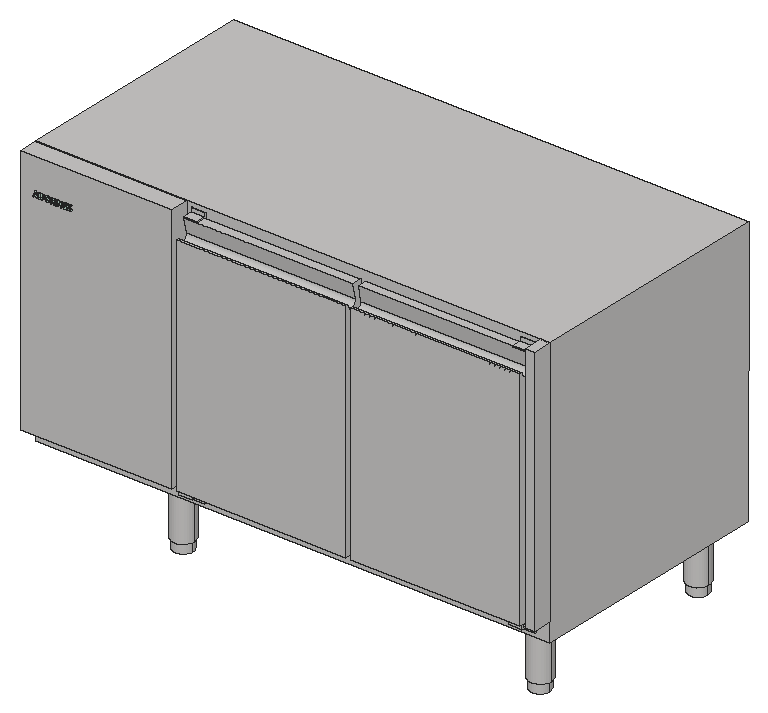
Revit family "QF_ALPENINOX_712195_AK2F7AA", category Specialty Equipment, Revit 2018 (continued)
Definition of nested family "APX_BI_BT_L"
  Lines and regions (mm)
    Split face 121
      outline origin (215, -951.3, 50) x (1, 0, 0) y (0, 1, 0)
        loop
          arc (-273.464, 607.474) -> (-277.464, 603.474) -> (-273.464, 599.474) r 4
          line (-273.464, 599.474) -> (-231.464, 599.474)
          arc (-231.464, 599.474) -> (-227.464, 603.474) -> (-231.464, 607.474) r 4
          line (-231.464, 607.474) -> (-273.464, 607.474)
    Split face 122
      outline origin (-5, -975.3, 50) x (1, 0, 0) y (0, 1, 0)
        loop
          arc (-163.464, 619.474) -> (-167.464, 615.474) -> (-163.464, 611.474) r 4
          line (-163.464, 611.474) -> (-121.464, 611.474)
          arc (-121.464, 611.474) -> (-117.464, 615.474) -> (-121.464, 619.474) r 4
          line (-121.464, 619.474) -> (-163.464, 619.474)
    Split face 123
      outline origin (325, -975.3, 50) x (1, 0, 0) y (0, 1, 0)
        loop
          arc (-328.464, 619.474) -> (-332.464, 615.474) -> (-328.464, 611.474) r 4
          line (-328.464, 611.474) -> (-286.464, 611.474)
          arc (-286.464, 611.474) -> (-282.464, 615.474) -> (-286.464, 619.474) r 4
          line (-286.464, 619.474) -> (-328.464, 619.474)
    Split face 124
      outline origin (105, -975.3, 50) x (1, 0, 0) y (0, 1, 0)
        loop
          arc (-218.464, 619.474) -> (-222.464, 615.474) -> (-218.464, 611.474) r 4
          line (-218.464, 611.474) -> (-176.464, 611.474)
          arc (-176.464, 611.474) -> (-172.464, 615.474) -> (-176.464, 619.474) r 4
          line (-176.464, 619.474) -> (-218.464, 619.474)
    Split face 125
      outline origin (215, -975.3, 50) x (1, 0, 0) y (0, 1, 0)
        loop
          arc (-273.464, 619.474) -> (-277.464, 615.474) -> (-273.464, 611.474) r 4
          line (-273.464, 611.474) -> (-231.464, 611.474)
          arc (-231.464, 611.474) -> (-227.464, 615.474) -> (-231.464, 619.474) r 4
          line (-231.464, 619.474) -> (-273.464, 619.474)
    Split face 126
      outline origin (-5, -999.3, 50) x (1, 0, 0) y (0, 1, 0)
        loop
          arc (-163.464, 631.474) -> (-167.464, 627.474) -> (-163.464, 623.474) r 4
          line (-163.464, 623.474) -> (-121.464, 623.474)
          arc (-121.464, 623.474) -> (-117.464, 627.474) -> (-121.464, 631.474) r 4
          line (-121.464, 631.474) -> (-163.464, 631.474)
    Split face 127
      outline origin (325, -999.3, 50) x (1, 0, 0) y (0, 1, 0)
        loop
          arc (-328.464, 631.474) -> (-332.464, 627.474) -> (-328.464, 623.474) r 4
          line (-328.464, 623.474) -> (-286.464, 623.474)
          arc (-286.464, 623.474) -> (-282.464, 627.474) -> (-286.464, 631.474) r 4
          line (-286.464, 631.474) -> (-328.464, 631.474)
    Split face 128
      outline origin (105, -999.3, 50) x (1, 0, 0) y (0, 1, 0)
        loop
          arc (-218.464, 631.474) -> (-222.464, 627.474) -> (-218.464, 623.474) r 4
          line (-218.464, 623.474) -> (-176.464, 623.474)
          arc (-176.464, 623.474) -> (-172.464, 627.474) -> (-176.464, 631.474) r 4
          line (-176.464, 631.474) -> (-218.464, 631.474)
    Split face 129
      outline origin (215, -999.3, 50) x (1, 0, 0) y (0, 1, 0)
        loop
          arc (-273.464, 631.474) -> (-277.464, 627.474) -> (-273.464, 623.474) r 4
          line (-273.464, 623.474) -> (-231.464, 623.474)
          arc (-231.464, 623.474) -> (-227.464, 627.474) -> (-231.464, 631.474) r 4
          line (-231.464, 631.474) -> (-273.464, 631.474)
    Split face 130
      outline origin (-5, -1023.3, 50) x (1, 0, 0) y (0, 1, 0)
        loop
          arc (-163.464, 643.474) -> (-167.464, 639.474) -> (-163.464, 635.474) r 4
          line (-163.464, 635.474) -> (-121.464, 635.474)
          arc (-121.464, 635.474) -> (-117.464, 639.474) -> (-121.464, 643.474) r 4
          line (-121.464, 643.474) -> (-163.464, 643.474)
    Split face 131
      outline origin (325, -1023.3, 50) x (1, 0, 0) y (0, 1, 0)
        loop
          arc (-328.464, 643.474) -> (-332.464, 639.474) -> (-328.464, 635.474) r 4
          line (-328.464, 635.474) -> (-286.464, 635.474)
          arc (-286.464, 635.474) -> (-282.464, 639.474) -> (-286.464, 643.474) r 4
          line (-286.464, 643.474) -> (-328.464, 643.474)
    Split face 132
      outline origin (105, -1023.3, 50) x (1, 0, 0) y (0, 1, 0)
        loop
          arc (-218.464, 643.474) -> (-222.464, 639.474) -> (-218.464, 635.474) r 4
          line (-218.464, 635.474) -> (-176.464, 635.474)
          arc (-176.464, 635.474) -> (-172.464, 639.474) -> (-176.464, 643.474) r 4
          line (-176.464, 643.474) -> (-218.464, 643.474)
    Split face 133
      outline origin (215, -1023.3, 50) x (1, 0, 0) y (0, 1, 0)
        loop
          arc (-273.464, 643.474) -> (-277.464, 639.474) -> (-273.464, 635.474) r 4
          line (-273.464, 635.474) -> (-231.464, 635.474)
          arc (-231.464, 635.474) -> (-227.464, 639.474) -> (-231.464, 643.474) r 4
          line (-231.464, 643.474) -> (-273.464, 643.474)
    Split face 134
      outline origin (0, 0, 50) x (1, 0, 0) y (0, 1, 0)
        loop
          arc (51.536, 131.824) -> (47.536, 127.824) -> (51.536, 123.824) r 4
          line (51.536, 123.824) -> (93.536, 123.824)
          arc (93.536, 123.824) -> (97.536, 127.824) -> (93.536, 131.824) r 4
          line (93.536, 131.824) -> (51.536, 131.824)
    Split face 135
      outline origin (0, 0, 50) x (1, 0, 0) y (0, 1, 0)
        loop
          arc (106.536, 131.824) -> (102.536, 127.824) -> (106.536, 123.824) r 4
          line (106.536, 123.824) -> (148.536, 123.824)
          arc (148.536, 123.824) -> (152.536, 127.824) -> (148.536, 131.824) r 4
          line (148.536, 131.824) -> (106.536, 131.824)
    Split face 136
      outline origin (0, -24, 50) x (1, 0, 0) y (0, 1, 0)
        loop
          arc (51.536, 143.824) -> (47.536, 139.824) -> (51.536, 135.824) r 4
          line (51.536, 135.824) -> (93.536, 135.824)
          arc (93.536, 135.824) -> (97.536, 139.824) -> (93.536, 143.824) r 4
          line (93.536, 143.824) -> (51.536, 143.824)
    Split face 137
      outline origin (0, -24, 50) x (1, 0, 0) y (0, 1, 0)
        loop
          arc (106.536, 143.824) -> (102.536, 139.824) -> (106.536, 135.824) r 4
          line (106.536, 135.824) -> (148.536, 135.824)
          arc (148.536, 135.824) -> (152.536, 139.824) -> (148.536, 143.824) r 4
          line (148.536, 143.824) -> (106.536, 143.824)
    Split face 138
      outline origin (0, -48, 50) x (1, 0, 0) y (0, 1, 0)
        loop
          arc (51.536, 155.824) -> (47.536, 151.824) -> (51.536, 147.824) r 4
          line (51.536, 147.824) -> (93.536, 147.824)
          arc (93.536, 147.824) -> (97.536, 151.824) -> (93.536, 155.824) r 4
          line (93.536, 155.824) -> (51.536, 155.824)
    Split face 139
      outline origin (0, -48, 50) x (1, 0, 0) y (0, 1, 0)
        loop
          arc (106.536, 155.824) -> (102.536, 151.824) -> (106.536, 147.824) r 4
          line (106.536, 147.824) -> (148.536, 147.824)
          arc (148.536, 147.824) -> (152.536, 151.824) -> (148.536, 155.824) r 4
          line (148.536, 155.824) -> (106.536, 155.824)
    Split face 140
      outline origin (0, -72, 50) x (1, 0, 0) y (0, 1, 0)
        loop
          arc (51.536, 167.824) -> (47.536, 163.824) -> (51.536, 159.824) r 4
          line (51.536, 159.824) -> (93.536, 159.824)
          arc (93.536, 159.824) -> (97.536, 163.824) -> (93.536, 167.824) r 4
          line (93.536, 167.824) -> (51.536, 167.824)
    Split face 141
      outline origin (0, -72, 50) x (1, 0, 0) y (0, 1, 0)
        loop
          arc (106.536, 167.824) -> (102.536, 163.824) -> (106.536, 159.824) r 4
          line (106.536, 159.824) -> (148.536, 159.824)
          arc (148.536, 159.824) -> (152.536, 163.824) -> (148.536, 167.824) r 4
          line (148.536, 167.824) -> (106.536, 167.824)
    Split face 142
      outline origin (0, -96, 50) x (1, 0, 0) y (0, 1, 0)
        loop
          arc (51.536, 179.824) -> (47.536, 175.824) -> (51.536, 171.824) r 4
          line (51.536, 171.824) -> (93.536, 171.824)
          arc (93.536, 171.824) -> (97.536, 175.824) -> (93.536, 179.824) r 4
          line (93.536, 179.824) -> (51.536, 179.824)
    Split face 143
      outline origin (0, -96, 50) x (1, 0, 0) y (0, 1, 0)
        loop
          arc (106.536, 179.824) -> (102.536, 175.824) -> (106.536, 171.824) r 4
          line (106.536, 171.824) -> (148.536, 171.824)
          arc (148.536, 171.824) -> (152.536, 175.824) -> (148.536, 179.824) r 4
          line (148.536, 179.824) -> (106.536, 179.824)
    Split face 144
      outline origin (0, -120, 50) x (1, 0, 0) y (0, 1, 0)
        loop
          arc (51.536, 191.824) -> (47.536, 187.824) -> (51.536, 183.824) r 4
          line (51.536, 183.824) -> (93.536, 183.824)
          arc (93.536, 183.824) -> (97.536, 187.824) -> (93.536, 191.824) r 4
          line (93.536, 191.824) -> (51.536, 191.824)
    Split face 145
      outline origin (0, -120, 50) x (1, 0, 0) y (0, 1, 0)
        loop
          arc (106.536, 191.824) -> (102.536, 187.824) -> (106.536, 183.824) r 4
          line (106.536, 183.824) -> (148.536, 183.824)
          arc (148.536, 183.824) -> (152.536, 187.824) -> (148.536, 191.824) r 4
          line (148.536, 191.824) -> (106.536, 191.824)
    Split face 146
      outline origin (0, -144, 50) x (1, 0, 0) y (0, 1, 0)
        loop
          arc (51.536, 203.824) -> (47.536, 199.824) -> (51.536, 195.824) r 4
          line (51.536, 195.824) -> (93.536, 195.824)
          arc (93.536, 195.824) -> (97.536, 199.824) -> (93.536, 203.824) r 4
          line (93.536, 203.824) -> (51.536, 203.824)
    Split face 147
      outline origin (0, -144, 50) x (1, 0, 0) y (0, 1, 0)
        loop
          arc (106.536, 203.824) -> (102.536, 199.824) -> (106.536, 195.824) r 4
          line (106.536, 195.824) -> (148.536, 195.824)
          arc (148.536, 195.824) -> (152.536, 199.824) -> (148.536, 203.824) r 4
          line (148.536, 203.824) -> (106.536, 203.824)
    Split face 148
      outline origin (0, -168, 50) x (1, 0, 0) y (0, 1, 0)
        loop
          arc (51.536, 215.824) -> (47.536, 211.824) -> (51.536, 207.824) r 4
          line (51.536, 207.824) -> (93.536, 207.824)
          arc (93.536, 207.824) -> (97.536, 211.824) -> (93.536, 215.824) r 4
          line (93.536, 215.824) -> (51.536, 215.824)
    Split face 149
      outline origin (0, -168, 50) x (1, 0, 0) y (0, 1, 0)
        loop
          arc (106.536, 215.824) -> (102.536, 211.824) -> (106.536, 207.824) r 4
          line (106.536, 207.824) -> (148.536, 207.824)
          arc (148.536, 207.824) -> (152.536, 211.824) -> (148.536, 215.824) r 4
          line (148.536, 215.824) -> (106.536, 215.824)
    Split face 150
      outline origin (0, -192, 50) x (1, 0, 0) y (0, 1, 0)
        loop
          arc (51.536, 227.824) -> (47.536, 223.824) -> (51.536, 219.824) r 4
          line (51.536, 219.824) -> (93.536, 219.824)
          arc (93.536, 219.824) -> (97.536, 223.824) -> (93.536, 227.824) r 4
          line (93.536, 227.824) -> (51.536, 227.824)
    Split face 151
      outline origin (0, -192, 50) x (1, 0, 0) y (0, 1, 0)
        loop
          arc (106.536, 227.824) -> (102.536, 223.824) -> (106.536, 219.824) r 4
          line (106.536, 219.824) -> (148.536, 219.824)
          arc (148.536, 219.824) -> (152.536, 223.824) -> (148.536, 227.824) r 4
          line (148.536, 227.824) -> (106.536, 227.824)
    Split face 152
      outline origin (0, -216, 50) x (1, 0, 0) y (0, 1, 0)
        loop
          arc (51.536, 239.824) -> (47.536, 235.824) -> (51.536, 231.824) r 4
          line (51.536, 231.824) -> (93.536, 231.824)
          arc (93.536, 231.824) -> (97.536, 235.824) -> (93.536, 239.824) r 4
          line (93.536, 239.824) -> (51.536, 239.824)
    Split face 153
      outline origin (0, -216, 50) x (1, 0, 0) y (0, 1, 0)
        loop
          arc (106.536, 239.824) -> (102.536, 235.824) -> (106.536, 231.824) r 4
          line (106.536, 231.824) -> (148.536, 231.824)
          arc (148.536, 231.824) -> (152.536, 235.824) -> (148.536, 239.824) r 4
          line (148.536, 239.824) -> (106.536, 239.824)
    Split face 154
      outline origin (0, -240, 50) x (1, 0, 0) y (0, 1, 0)
        loop
          arc (51.536, 251.824) -> (47.536, 247.824) -> (51.536, 243.824) r 4
          line (51.536, 243.824) -> (93.536, 243.824)
          arc (93.536, 243.824) -> (97.536, 247.824) -> (93.536, 251.824) r 4
          line (93.536, 251.824) -> (51.536, 251.824)
    Split face 155
      outline origin (0, -240, 50) x (1, 0, 0) y (0, 1, 0)
        loop
          arc (106.536, 251.824) -> (102.536, 247.824) -> (106.536, 243.824) r 4
          line (106.536, 243.824) -> (148.536, 243.824)
          arc (148.536, 243.824) -> (152.536, 247.824) -> (148.536, 251.824) r 4
          line (148.536, 251.824) -> (106.536, 251.824)
    Split face 156
      outline origin (0, -264, 50) x (1, 0, 0) y (0, 1, 0)
        loop
          arc (51.536, 263.824) -> (47.536, 259.824) -> (51.536, 255.824) r 4
          line (51.536, 255.824) -> (93.536, 255.824)
          arc (93.536, 255.824) -> (97.536, 259.824) -> (93.536, 263.824) r 4
          line (93.536, 263.824) -> (51.536, 263.824)
    Split face 157
      outline origin (0, -264, 50) x (1, 0, 0) y (0, 1, 0)
        loop
          arc (106.536, 263.824) -> (102.536, 259.824) -> (106.536, 255.824) r 4
          line (106.536, 255.824) -> (148.536, 255.824)
          arc (148.536, 255.824) -> (152.536, 259.824) -> (148.536, 263.824) r 4
          line (148.536, 263.824) -> (106.536, 263.824)
    Split face 158
      outline origin (0, -288, 50) x (1, 0, 0) y (0, 1, 0)
        loop
          arc (51.536, 275.824) -> (47.536, 271.824) -> (51.536, 267.824) r 4
          line (51.536, 267.824) -> (93.536, 267.824)
          arc (93.536, 267.824) -> (97.536, 271.824) -> (93.536, 275.824) r 4
          line (93.536, 275.824) -> (51.536, 275.824)
    Split face 159
      outline origin (0, -288, 50) x (1, 0, 0) y (0, 1, 0)
        loop
          arc (106.536, 275.824) -> (102.536, 271.824) -> (106.536, 267.824) r 4
          line (106.536, 267.824) -> (148.536, 267.824)
          arc (148.536, 267.824) -> (152.536, 271.824) -> (148.536, 275.824) r 4
          line (148.536, 275.824) -> (106.536, 275.824)
    Split face 160
      outline origin (0, -312, 50) x (1, 0, 0) y (0, 1, 0)
        loop
          arc (51.536, 287.824) -> (47.536, 283.824) -> (51.536, 279.824) r 4
          line (51.536, 279.824) -> (93.536, 279.824)
          arc (93.536, 279.824) -> (97.536, 283.824) -> (93.536, 287.824) r 4
          line (93.536, 287.824) -> (51.536, 287.824)
    Split face 161
      outline origin (0, -312, 50) x (1, 0, 0) y (0, 1, 0)
        loop
          arc (106.536, 287.824) -> (102.536, 283.824) -> (106.536, 279.824) r 4
          line (106.536, 279.824) -> (148.536, 279.824)
          arc (148.536, 279.824) -> (152.536, 283.824) -> (148.536, 287.824) r 4
          line (148.536, 287.824) -> (106.536, 287.824)
    Split face 162
      outline origin (0, -336, 50) x (1, 0, 0) y (0, 1, 0)
        loop
          arc (51.536, 299.824) -> (47.536, 295.824) -> (51.536, 291.824) r 4
          line (51.536, 291.824) -> (93.536, 291.824)
          arc (93.536, 291.824) -> (97.536, 295.824) -> (93.536, 299.824) r 4
          line (93.536, 299.824) -> (51.536, 299.824)
    Split face 163
      outline origin (0, -336, 50) x (1, 0, 0) y (0, 1, 0)
        loop
          arc (106.536, 299.824) -> (102.536, 295.824) -> (106.536, 291.824) r 4
          line (106.536, 291.824) -> (148.536, 291.824)
          arc (148.536, 291.824) -> (152.536, 295.824) -> (148.536, 299.824) r 4
          line (148.536, 299.824) -> (106.536, 299.824)
    Split face 164
      outline origin (0, -360, 50) x (1, 0, 0) y (0, 1, 0)
        loop
          arc (51.536, 311.824) -> (47.536, 307.824) -> (51.536, 303.824) r 4
          line (51.536, 303.824) -> (93.536, 303.824)
          arc (93.536, 303.824) -> (97.536, 307.824) -> (93.536, 311.824) r 4
          line (93.536, 311.824) -> (51.536, 311.824)
    Split face 165
      outline origin (0, -360, 50) x (1, 0, 0) y (0, 1, 0)
        loop
          arc (106.536, 311.824) -> (102.536, 307.824) -> (106.536, 303.824) r 4
          line (106.536, 303.824) -> (148.536, 303.824)
          arc (148.536, 303.824) -> (152.536, 307.824) -> (148.536, 311.824) r 4
          line (148.536, 311.824) -> (106.536, 311.824)
    Split face 166
      outline origin (0, -663.3, 50) x (1, 0, 0) y (0, 1, 0)
        loop
          arc (51.536, 463.474) -> (47.536, 459.474) -> (51.536, 455.474) r 4
          line (51.536, 455.474) -> (93.536, 455.474)
          arc (93.536, 455.474) -> (97.536, 459.474) -> (93.536, 463.474) r 4
          line (93.536, 463.474) -> (51.536, 463.474)
    Split face 167
      outline origin (0, -663.3, 50) x (1, 0, 0) y (0, 1, 0)
        loop
          arc (106.536, 463.474) -> (102.536, 459.474) -> (106.536, 455.474) r 4
          line (106.536, 455.474) -> (148.536, 455.474)
          arc (148.536, 455.474) -> (152.536, 459.474) -> (148.536, 463.474) r 4
          line (148.536, 463.474) -> (106.536, 463.474)
    Split face 168
      outline origin (0, -687.3, 50) x (1, 0, 0) y (0, 1, 0)
        loop
          arc (51.536, 475.474) -> (47.536, 471.474) -> (51.536, 467.474) r 4
          line (51.536, 467.474) -> (93.536, 467.474)
          arc (93.536, 467.474) -> (97.536, 471.474) -> (93.536, 475.474) r 4
          line (93.536, 475.474) -> (51.536, 475.474)
    Split face 169
      outline origin (0, -687.3, 50) x (1, 0, 0) y (0, 1, 0)
        loop
          arc (106.536, 475.474) -> (102.536, 471.474) -> (106.536, 467.474) r 4
          line (106.536, 467.474) -> (148.536, 467.474)
          arc (148.536, 467.474) -> (152.536, 471.474) -> (148.536, 475.474) r 4
          line (148.536, 475.474) -> (106.536, 475.474)
    Split face 170
      outline origin (0, -711.3, 50) x (1, 0, 0) y (0, 1, 0)
        loop
          arc (51.536, 487.474) -> (47.536, 483.474) -> (51.536, 479.474) r 4
          line (51.536, 479.474) -> (93.536, 479.474)
          arc (93.536, 479.474) -> (97.536, 483.474) -> (93.536, 487.474) r 4
          line (93.536, 487.474) -> (51.536, 487.474)
    Split face 171
      outline origin (0, -711.3, 50) x (1, 0, 0) y (0, 1, 0)
        loop
          arc (106.536, 487.474) -> (102.536, 483.474) -> (106.536, 479.474) r 4
          line (106.536, 479.474) -> (148.536, 479.474)
          arc (148.536, 479.474) -> (152.536, 483.474) -> (148.536, 487.474) r 4
          line (148.536, 487.474) -> (106.536, 487.474)
    Split face 172
      outline origin (0, -735.3, 50) x (1, 0, 0) y (0, 1, 0)
        loop
          arc (51.536, 499.474) -> (47.536, 495.474) -> (51.536, 491.474) r 4
          line (51.536, 491.474) -> (93.536, 491.474)
          arc (93.536, 491.474) -> (97.536, 495.474) -> (93.536, 499.474) r 4
          line (93.536, 499.474) -> (51.536, 499.474)
    Split face 173
      outline origin (0, -735.3, 50) x (1, 0, 0) y (0, 1, 0)
        loop
          arc (106.536, 499.474) -> (102.536, 495.474) -> (106.536, 491.474) r 4
          line (106.536, 491.474) -> (148.536, 491.474)
          arc (148.536, 491.474) -> (152.536, 495.474) -> (148.536, 499.474) r 4
          line (148.536, 499.474) -> (106.536, 499.474)
    Split face 174
      outline origin (0, -759.3, 50) x (1, 0, 0) y (0, 1, 0)
        loop
          arc (51.536, 511.474) -> (47.536, 507.474) -> (51.536, 503.474) r 4
          line (51.536, 503.474) -> (93.536, 503.474)
          arc (93.536, 503.474) -> (97.536, 507.474) -> (93.536, 511.474) r 4
          line (93.536, 511.474) -> (51.536, 511.474)
    Split face 175
      outline origin (0, -759.3, 50) x (1, 0, 0) y (0, 1, 0)
        loop
          arc (106.536, 511.474) -> (102.536, 507.474) -> (106.536, 503.474) r 4
          line (106.536, 503.474) -> (148.536, 503.474)
          arc (148.536, 503.474) -> (152.536, 507.474) -> (148.536, 511.474) r 4
          line (148.536, 511.474) -> (106.536, 511.474)
    Split face 176
      outline origin (0, -783.3, 50) x (1, 0, 0) y (0, 1, 0)
        loop
          arc (51.536, 523.474) -> (47.536, 519.474) -> (51.536, 515.474) r 4
          line (51.536, 515.474) -> (93.536, 515.474)
          arc (93.536, 515.474) -> (97.536, 519.474) -> (93.536, 523.474) r 4
          line (93.536, 523.474) -> (51.536, 523.474)
    Split face 177
      outline origin (0, -783.3, 50) x (1, 0, 0) y (0, 1, 0)
        loop
          arc (106.536, 523.474) -> (102.536, 519.474) -> (106.536, 515.474) r 4
          line (106.536, 515.474) -> (148.536, 515.474)
          arc (148.536, 515.474) -> (152.536, 519.474) -> (148.536, 523.474) r 4
          line (148.536, 523.474) -> (106.536, 523.474)
    Split face 178
      outline origin (0, -807.3, 50) x (1, 0, 0) y (0, 1, 0)
        loop
          arc (51.536, 535.474) -> (47.536, 531.474) -> (51.536, 527.474) r 4
          line (51.536, 527.474) -> (93.536, 527.474)
          arc (93.536, 527.474) -> (97.536, 531.474) -> (93.536, 535.474) r 4
          line (93.536, 535.474) -> (51.536, 535.474)
    Split face 179
      outline origin (0, -807.3, 50) x (1, 0, 0) y (0, 1, 0)
        loop
          arc (106.536, 535.474) -> (102.536, 531.474) -> (106.536, 527.474) r 4
          line (106.536, 527.474) -> (148.536, 527.474)
          arc (148.536, 527.474) -> (152.536, 531.474) -> (148.536, 535.474) r 4
          line (148.536, 535.474) -> (106.536, 535.474)
    Split face 180
      outline origin (0, -831.3, 50) x (1, 0, 0) y (0, 1, 0)
        loop
          arc (51.536, 547.474) -> (47.536, 543.474) -> (51.536, 539.474) r 4
          line (51.536, 539.474) -> (93.536, 539.474)
          arc (93.536, 539.474) -> (97.536, 543.474) -> (93.536, 547.474) r 4
          line (93.536, 547.474) -> (51.536, 547.474)
    Split face 181
      outline origin (0, -831.3, 50) x (1, 0, 0) y (0, 1, 0)
        loop
          arc (106.536, 547.474) -> (102.536, 543.474) -> (106.536, 539.474) r 4
          line (106.536, 539.474) -> (148.536, 539.474)
          arc (148.536, 539.474) -> (152.536, 543.474) -> (148.536, 547.474) r 4
          line (148.536, 547.474) -> (106.536, 547.474)
    Split face 182
      outline origin (0, -855.3, 50) x (1, 0, 0) y (0, 1, 0)
        loop
          arc (51.536, 559.474) -> (47.536, 555.474) -> (51.536, 551.474) r 4
          line (51.536, 551.474) -> (93.536, 551.474)
          arc (93.536, 551.474) -> (97.536, 555.474) -> (93.536, 559.474) r 4
          line (93.536, 559.474) -> (51.536, 559.474)
    Split face 183
      outline origin (0, -855.3, 50) x (1, 0, 0) y (0, 1, 0)
        loop
          arc (106.536, 559.474) -> (102.536, 555.474) -> (106.536, 551.474) r 4
          line (106.536, 551.474) -> (148.536, 551.474)
          arc (148.536, 551.474) -> (152.536, 555.474) -> (148.536, 559.474) r 4
          line (148.536, 559.474) -> (106.536, 559.474)
    Split face 184
      outline origin (0, -879.3, 50) x (1, 0, 0) y (0, 1, 0)
        loop
          arc (51.536, 571.474) -> (47.536, 567.474) -> (51.536, 563.474) r 4
          line (51.536, 563.474) -> (93.536, 563.474)
          arc (93.536, 563.474) -> (97.536, 567.474) -> (93.536, 571.474) r 4
          line (93.536, 571.474) -> (51.536, 571.474)
    Split face 185
      outline origin (0, -879.3, 50) x (1, 0, 0) y (0, 1, 0)
        loop
          arc (106.536, 571.474) -> (102.536, 567.474) -> (106.536, 563.474) r 4
          line (106.536, 563.474) -> (148.536, 563.474)
          arc (148.536, 563.474) -> (152.536, 567.474) -> (148.536, 571.474) r 4
          line (148.536, 571.474) -> (106.536, 571.474)
    Split face 186
      outline origin (0, -903.3, 50) x (1, 0, 0) y (0, 1, 0)
        loop
          arc (51.536, 583.474) -> (47.536, 579.474) -> (51.536, 575.474) r 4
          line (51.536, 575.474) -> (93.536, 575.474)
          arc (93.536, 575.474) -> (97.536, 579.474) -> (93.536, 583.474) r 4
          line (93.536, 583.474) -> (51.536, 583.474)
    Split face 187
      outline origin (0, -903.3, 50) x (1, 0, 0) y (0, 1, 0)
        loop
          arc (106.536, 583.474) -> (102.536, 579.474) -> (106.536, 575.474) r 4
          line (106.536, 575.474) -> (148.536, 575.474)
          arc (148.536, 575.474) -> (152.536, 579.474) -> (148.536, 583.474) r 4
          line (148.536, 583.474) -> (106.536, 583.474)
    Split face 188
      outline origin (0, -927.3, 50) x (1, 0, 0) y (0, 1, 0)
        loop
          arc (51.536, 595.474) -> (47.536, 591.474) -> (51.536, 587.474) r 4
          line (51.536, 587.474) -> (93.536, 587.474)
          arc (93.536, 587.474) -> (97.536, 591.474) -> (93.536, 595.474) r 4
          line (93.536, 595.474) -> (51.536, 595.474)
    Split face 189
      outline origin (0, -927.3, 50) x (1, 0, 0) y (0, 1, 0)
        loop
          arc (106.536, 595.474) -> (102.536, 591.474) -> (106.536, 587.474) r 4
          line (106.536, 587.474) -> (148.536, 587.474)
          arc (148.536, 587.474) -> (152.536, 591.474) -> (148.536, 595.474) r 4
          line (148.536, 595.474) -> (106.536, 595.474)
    Split face 190
      outline origin (0, -951.3, 50) x (1, 0, 0) y (0, 1, 0)
        loop
          arc (51.536, 607.474) -> (47.536, 603.474) -> (51.536, 599.474) r 4
          line (51.536, 599.474) -> (93.536, 599.474)
          arc (93.536, 599.474) -> (97.536, 603.474) -> (93.536, 607.474) r 4
          line (93.536, 607.474) -> (51.536, 607.474)
    Split face 191
      outline origin (0, -951.3, 50) x (1, 0, 0) y (0, 1, 0)
        loop
          arc (106.536, 607.474) -> (102.536, 603.474) -> (106.536, 599.474) r 4
          line (106.536, 599.474) -> (148.536, 599.474)
          arc (148.536, 599.474) -> (152.536, 603.474) -> (148.536, 607.474) r 4
          line (148.536, 607.474) -> (106.536, 607.474)
    Split face 192
      outline origin (0, -975.3, 50) x (1, 0, 0) y (0, 1, 0)
        loop
          arc (51.536, 619.474) -> (47.536, 615.474) -> (51.536, 611.474) r 4
          line (51.536, 611.474) -> (93.536, 611.474)
          arc (93.536, 611.474) -> (97.536, 615.474) -> (93.536, 619.474) r 4
          line (93.536, 619.474) -> (51.536, 619.474)
    Split face 193
      outline origin (0, -975.3, 50) x (1, 0, 0) y (0, 1, 0)
        loop
          arc (106.536, 619.474) -> (102.536, 615.474) -> (106.536, 611.474) r 4
          line (106.536, 611.474) -> (148.536, 611.474)
          arc (148.536, 611.474) -> (152.536, 615.474) -> (148.536, 619.474) r 4
          line (148.536, 619.474) -> (106.536, 619.474)
    Split face 194
      outline origin (0, -999.3, 50) x (1, 0, 0) y (0, 1, 0)
        loop
          arc (51.536, 631.474) -> (47.536, 627.474) -> (51.536, 623.474) r 4
          line (51.536, 623.474) -> (93.536, 623.474)
          arc (93.536, 623.474) -> (97.536, 627.474) -> (93.536, 631.474) r 4
          line (93.536, 631.474) -> (51.536, 631.474)
    Split face 195
      outline origin (0, -999.3, 50) x (1, 0, 0) y (0, 1, 0)
        loop
          arc (106.536, 631.474) -> (102.536, 627.474) -> (106.536, 623.474) r 4
          line (106.536, 623.474) -> (148.536, 623.474)
          arc (148.536, 623.474) -> (152.536, 627.474) -> (148.536, 631.474) r 4
          line (148.536, 631.474) -> (106.536, 631.474)
    Split face 196
      outline origin (0, -1023.3, 50) x (1, 0, 0) y (0, 1, 0)
        loop
          arc (51.536, 643.474) -> (47.536, 639.474) -> (51.536, 635.474) r 4
          line (51.536, 635.474) -> (93.536, 635.474)
          arc (93.536, 635.474) -> (97.536, 639.474) -> (93.536, 643.474) r 4
          line (93.536, 643.474) -> (51.536, 643.474)
    Split face 197
      outline origin (0, -1023.3, 50) x (1, 0, 0) y (0, 1, 0)
        loop
          arc (106.536, 643.474) -> (102.536, 639.474) -> (106.536, 635.474) r 4
          line (106.536, 635.474) -> (148.536, 635.474)
          arc (148.536, 635.474) -> (152.536, 639.474) -> (148.536, 643.474) r 4
          line (148.536, 643.474) -> (106.536, 643.474)
    Split face 198
      outline origin (100, 0, 50) x (1, 0, 0) y (0, 1, 0)
        loop
          line (87.08, 183) -> (-272.92, 183)
          arc (-272.92, 183) -> (-290.42, 165.5) -> (-272.92, 148) r 17.5
          line (-272.92, 148) -> (87.08, 148)
    symbolic lines
      curve 1: line (187.08, -74, 50) -> (187.08, -74, 0)
  Dimensions and locks
    equal spacing: plane 6, plane 1 "Center (Front/Back)", plane 7
    equal spacing: plane 4, plane 3 "Center (Left/Right)", plane 5
    aligned and locked: plane 2 to Extrusion 1
    aligned and locked: level to Extrusion 1
  Automatic sketch dimensions
    Split face 4 sketch curve to Split face 4 sketch curve = 42 mm
    Split face 4 sketch curve to Split face 4 sketch curve = 4 mm
    Split face 5 sketch curve to Split face 5 sketch curve = 42 mm
    Split face 5 sketch curve to Split face 5 sketch curve = 4 mm
    Split face 6 sketch curve to Split face 6 sketch curve = 42 mm
    Split face 6 sketch curve to Split face 6 sketch curve = 4 mm
    Split face 7 sketch curve to Split face 7 sketch curve = 42 mm
    Split face 7 sketch curve to Split face 7 sketch curve = 4 mm
    Split face 8 sketch curve to Split face 8 sketch curve = 42 mm
    Split face 8 sketch curve to Split face 8 sketch curve = 4 mm
    Split face 9 sketch curve to Split face 9 sketch curve = 42 mm
    Split face 9 sketch curve to Split face 9 sketch curve = 4 mm
    Split face 10 sketch curve to Split face 10 sketch curve = 42 mm
    Split face 10 sketch curve to Split face 10 sketch curve = 4 mm
    Split face 11 sketch curve to Split face 11 sketch curve = 42 mm
    Split face 11 sketch curve to Split face 11 sketch curve = 4 mm
    Split face 12 sketch curve to Split face 12 sketch curve = 42 mm
    Split face 12 sketch curve to Split face 12 sketch curve = 4 mm
    Split face 13 sketch curve to Split face 13 sketch curve = 42 mm
    Split face 13 sketch curve to Split face 13 sketch curve = 4 mm
    Split face 14 sketch curve to Split face 14 sketch curve = 42 mm
    Split face 14 sketch curve to Split face 14 sketch curve = 4 mm
    Split face 15 sketch curve to Split face 15 sketch curve = 42 mm
    Split face 15 sketch curve to Split face 15 sketch curve = 4 mm
    Split face 16 sketch curve to Split face 16 sketch curve = 42 mm
    Split face 16 sketch curve to Split face 16 sketch curve = 4 mm
    Split face 17 sketch curve to Split face 17 sketch curve = 42 mm
    Split face 17 sketch curve to Split face 17 sketch curve = 4 mm
    Split face 18 sketch curve to Split face 18 sketch curve = 42 mm
    Split face 18 sketch curve to Split face 18 sketch curve = 4 mm
    Split face 19 sketch curve to Split face 19 sketch curve = 42 mm
    Split face 19 sketch curve to Split face 19 sketch curve = 4 mm
    Split face 20 sketch curve to Split face 20 sketch curve = 42 mm
    Split face 20 sketch curve to Split face 20 sketch curve = 4 mm
    Split face 21 sketch curve to Split face 21 sketch curve = 42 mm
    Split face 21 sketch curve to Split face 21 sketch curve = 4 mm
    Split face 22 sketch curve to Split face 22 sketch curve = 42 mm
    Split face 22 sketch curve to Split face 22 sketch curve = 4 mm
    Split face 23 sketch curve to Split face 23 sketch curve = 42 mm
    Split face 23 sketch curve to Split face 23 sketch curve = 4 mm
    Split face 24 sketch curve to Split face 24 sketch curve = 42 mm
    Split face 24 sketch curve to Split face 24 sketch curve = 4 mm
    Split face 25 sketch curve to Split face 25 sketch curve = 42 mm
    Split face 25 sketch curve to Split face 25 sketch curve = 4 mm
    Split face 26 sketch curve to Split face 26 sketch curve = 42 mm
    Split face 26 sketch curve to Split face 26 sketch curve = 4 mm
    Split face 27 sketch curve to Split face 27 sketch curve = 42 mm
    Split face 27 sketch curve to Split face 27 sketch curve = 4 mm
    Split face 28 sketch curve to Split face 28 sketch curve = 42 mm
    Split face 28 sketch curve to Split face 28 sketch curve = 4 mm
    Split face 29 sketch curve to Split face 29 sketch curve = 42 mm
    Split face 29 sketch curve to Split face 29 sketch curve = 4 mm
    Split face 30 sketch curve to Split face 30 sketch curve = 42 mm
    Split face 30 sketch curve to Split face 30 sketch curve = 4 mm
    Split face 31 sketch curve to Split face 31 sketch curve = 42 mm
    Split face 31 sketch curve to Split face 31 sketch curve = 4 mm
    Split face 32 sketch curve to Split face 32 sketch curve = 42 mm
    Split face 32 sketch curve to Split face 32 sketch curve = 4 mm
    Split face 33 sketch curve to Split face 33 sketch curve = 42 mm
    Split face 33 sketch curve to Split face 33 sketch curve = 4 mm
    Split face 34 sketch curve to Split face 34 sketch curve = 42 mm
    Split face 34 sketch curve to Split face 34 sketch curve = 4 mm
    Split face 35 sketch curve to Split face 35 sketch curve = 42 mm
    Split face 35 sketch curve to Split face 35 sketch curve = 4 mm
    Split face 36 sketch curve to Split face 36 sketch curve = 42 mm
    Split face 36 sketch curve to Split face 36 sketch curve = 4 mm
    Split face 37 sketch curve to Split face 37 sketch curve = 42 mm
    Split face 37 sketch curve to Split face 37 sketch curve = 4 mm
    Split face 38 sketch curve to Split face 38 sketch curve = 42 mm
    Split face 38 sketch curve to Split face 38 sketch curve = 4 mm
    Split face 39 sketch curve to Split face 39 sketch curve = 42 mm
    Split face 39 sketch curve to Split face 39 sketch curve = 4 mm
    Split face 40 sketch curve to Split face 40 sketch curve = 42 mm
    Split face 40 sketch curve to Split face 40 sketch curve = 4 mm
    Split face 41 sketch curve to Split face 41 sketch curve = 42 mm
    Split face 41 sketch curve to Split face 41 sketch curve = 4 mm
    Split face 42 sketch curve to Split face 42 sketch curve = 42 mm
    Split face 42 sketch curve to Split face 42 sketch curve = 4 mm
    Split face 43 sketch curve to Split face 43 sketch curve = 42 mm
    Split face 43 sketch curve to Split face 43 sketch curve = 4 mm
    Split face 44 sketch curve to Split face 44 sketch curve = 42 mm
    Split face 44 sketch curve to Split face 44 sketch curve = 4 mm
    Split face 45 sketch curve to Split face 45 sketch curve = 42 mm
    Split face 45 sketch curve to Split face 45 sketch curve = 4 mm
    Split face 46 sketch curve to Split face 46 sketch curve = 42 mm
    Split face 46 sketch curve to Split face 46 sketch curve = 4 mm
    Split face 47 sketch curve to Split face 47 sketch curve = 42 mm
    Split face 47 sketch curve to Split face 47 sketch curve = 4 mm
    Split face 48 sketch curve to Split face 48 sketch curve = 42 mm
    Split face 48 sketch curve to Split face 48 sketch curve = 4 mm
    Split face 49 sketch curve to Split face 49 sketch curve = 42 mm
    Split face 49 sketch curve to Split face 49 sketch curve = 4 mm
    Split face 50 sketch curve to Split face 50 sketch curve = 42 mm
    Split face 50 sketch curve to Split face 50 sketch curve = 4 mm
    Split face 51 sketch curve to Split face 51 sketch curve = 42 mm
    Split face 51 sketch curve to Split face 51 sketch curve = 4 mm
    Split face 52 sketch curve to Split face 52 sketch curve = 42 mm
    Split face 52 sketch curve to Split face 52 sketch curve = 4 mm
    Split face 53 sketch curve to Split face 53 sketch curve = 42 mm
    Split face 53 sketch curve to Split face 53 sketch curve = 4 mm
    Split face 54 sketch curve to Split face 54 sketch curve = 42 mm
    Split face 54 sketch curve to Split face 54 sketch curve = 4 mm
    Split face 55 sketch curve to Split face 55 sketch curve = 42 mm
    Split face 55 sketch curve to Split face 55 sketch curve = 4 mm
    Split face 56 sketch curve to Split face 56 sketch curve = 42 mm
    Split face 56 sketch curve to Split face 56 sketch curve = 4 mm
    Split face 57 sketch curve to Split face 57 sketch curve = 42 mm
    Split face 57 sketch curve to Split face 57 sketch curve = 4 mm
    Split face 58 sketch curve to Split face 58 sketch curve = 42 mm
    Split face 58 sketch curve to Split face 58 sketch curve = 4 mm
    Split face 59 sketch curve to Split face 59 sketch curve = 42 mm
    Split face 59 sketch curve to Split face 59 sketch curve = 4 mm
    Split face 60 sketch curve to Split face 60 sketch curve = 42 mm
    Split face 60 sketch curve to Split face 60 sketch curve = 4 mm
    Split face 61 sketch curve to Split face 61 sketch curve = 42 mm
    Split face 61 sketch curve to Split face 61 sketch curve = 4 mm
    Split face 62 sketch curve to Split face 62 sketch curve = 42 mm
    Split face 62 sketch curve to Split face 62 sketch curve = 4 mm
    Split face 63 sketch curve to Split face 63 sketch curve = 42 mm
    Split face 63 sketch curve to Split face 63 sketch curve = 4 mm
    Split face 64 sketch curve to Split face 64 sketch curve = 42 mm
    Split face 64 sketch curve to Split face 64 sketch curve = 4 mm
    Split face 65 sketch curve to Split face 65 sketch curve = 42 mm
    Split face 65 sketch curve to Split face 65 sketch curve = 4 mm
    Split face 66 sketch curve to Split face 66 sketch curve = 42 mm
    Split face 66 sketch curve to Split face 66 sketch curve = 4 mm
    Split face 67 sketch curve to Split face 67 sketch curve = 42 mm
    Split face 67 sketch curve to Split face 67 sketch curve = 4 mm
    Split face 68 sketch curve to Split face 68 sketch curve = 42 mm
    Split face 68 sketch curve to Split face 68 sketch curve = 4 mm
    Split face 70 sketch curve to Split face 70 sketch curve = 42 mm
    Split face 70 sketch curve to Split face 70 sketch curve = 4 mm
    Split face 71 sketch curve to Split face 71 sketch curve = 42 mm
    Split face 71 sketch curve to Split face 71 sketch curve = 4 mm
    Split face 72 sketch curve to Split face 72 sketch curve = 42 mm
    Split face 72 sketch curve to Split face 72 sketch curve = 4 mm
    Split face 73 sketch curve to Split face 73 sketch curve = 42 mm
    Split face 73 sketch curve to Split face 73 sketch curve = 4 mm
    Split face 74 sketch curve to Split face 74 sketch curve = 42 mm
    Split face 74 sketch curve to Split face 74 sketch curve = 4 mm
    Split face 75 sketch curve to Split face 75 sketch curve = 42 mm
    Split face 75 sketch curve to Split face 75 sketch curve = 4 mm
    Split face 76 sketch curve to Split face 76 sketch curve = 42 mm
    Split face 76 sketch curve to Split face 76 sketch curve = 4 mm
    Split face 77 sketch curve to Split face 77 sketch curve = 42 mm
    Split face 77 sketch curve to Split face 77 sketch curve = 4 mm
    Split face 78 sketch curve to Split face 78 sketch curve = 42 mm
    Split face 78 sketch curve to Split face 78 sketch curve = 4 mm
    Split face 79 sketch curve to Split face 79 sketch curve = 42 mm
    Split face 79 sketch curve to Split face 79 sketch curve = 4 mm
    Split face 80 sketch curve to Split face 80 sketch curve = 42 mm
    Split face 80 sketch curve to Split face 80 sketch curve = 4 mm
    Split face 81 sketch curve to Split face 81 sketch curve = 42 mm
    Split face 81 sketch curve to Split face 81 sketch curve = 4 mm
    Split face 82 sketch curve to Split face 82 sketch curve = 42 mm
    Split face 82 sketch curve to Split face 82 sketch curve = 4 mm
    Split face 83 sketch curve to Split face 83 sketch curve = 42 mm
    Split face 83 sketch curve to Split face 83 sketch curve = 4 mm
    Split face 84 sketch curve to Split face 84 sketch curve = 42 mm
    Split face 84 sketch curve to Split face 84 sketch curve = 4 mm
    Split face 85 sketch curve to Split face 85 sketch curve = 42 mm
    Split face 85 sketch curve to Split face 85 sketch curve = 4 mm
    Split face 86 sketch curve to Split face 86 sketch curve = 42 mm
    Split face 86 sketch curve to Split face 86 sketch curve = 4 mm
    Split face 87 sketch curve to Split face 87 sketch curve = 42 mm
    Split face 87 sketch curve to Split face 87 sketch curve = 4 mm
    Split face 88 sketch curve to Split face 88 sketch curve = 42 mm
    Split face 88 sketch curve to Split face 88 sketch curve = 4 mm
    Split face 89 sketch curve to Split face 89 sketch curve = 42 mm
    Split face 89 sketch curve to Split face 89 sketch curve = 4 mm
    Split face 90 sketch curve to Split face 90 sketch curve = 42 mm
    Split face 90 sketch curve to Split face 90 sketch curve = 4 mm
    Split face 91 sketch curve to Split face 91 sketch curve = 42 mm
    Split face 91 sketch curve to Split face 91 sketch curve = 4 mm
    Split face 92 sketch curve to Split face 92 sketch curve = 42 mm
    Split face 92 sketch curve to Split face 92 sketch curve = 4 mm
    Split face 93 sketch curve to Split face 93 sketch curve = 42 mm
    Split face 93 sketch curve to Split face 93 sketch curve = 4 mm
    Split face 94 sketch curve to Split face 94 sketch curve = 42 mm
    Split face 94 sketch curve to Split face 94 sketch curve = 4 mm
    Split face 95 sketch curve to Split face 95 sketch curve = 42 mm
    Split face 95 sketch curve to Split face 95 sketch curve = 4 mm
    Split face 96 sketch curve to Split face 96 sketch curve = 42 mm
    Split face 96 sketch curve to Split face 96 sketch curve = 4 mm
    Split face 97 sketch curve to Split face 97 sketch curve = 42 mm
    Split face 97 sketch curve to Split face 97 sketch curve = 4 mm
    Split face 98 sketch curve to Split face 98 sketch curve = 42 mm
    Split face 98 sketch curve to Split face 98 sketch curve = 4 mm
    Split face 99 sketch curve to Split face 99 sketch curve = 42 mm
    Split face 99 sketch curve to Split face 99 sketch curve = 4 mm
    Split face 100 sketch curve to Split face 100 sketch curve = 42 mm
    Split face 100 sketch curve to Split face 100 sketch curve = 4 mm
    Split face 101 sketch curve to Split face 101 sketch curve = 42 mm
    Split face 101 sketch curve to Split face 101 sketch curve = 4 mm
    Split face 102 sketch curve to Split face 102 sketch curve = 42 mm
    Split face 102 sketch curve to Split face 102 sketch curve = 4 mm
    Split face 103 sketch curve to Split face 103 sketch curve = 42 mm
    Split face 103 sketch curve to Split face 103 sketch curve = 4 mm
    Split face 104 sketch curve to Split face 104 sketch curve = 42 mm
    Split face 104 sketch curve to Split face 104 sketch curve = 4 mm
    Split face 105 sketch curve to Split face 105 sketch curve = 42 mm
    Split face 105 sketch curve to Split face 105 sketch curve = 4 mm
    Split face 106 sketch curve to Split face 106 sketch curve = 42 mm
    Split face 106 sketch curve to Split face 106 sketch curve = 4 mm
    Split face 107 sketch curve to Split face 107 sketch curve = 42 mm
    Split face 107 sketch curve to Split face 107 sketch curve = 4 mm
    Split face 108 sketch curve to Split face 108 sketch curve = 42 mm
    Split face 108 sketch curve to Split face 108 sketch curve = 4 mm
    Split face 109 sketch curve to Split face 109 sketch curve = 42 mm
    Split face 109 sketch curve to Split face 109 sketch curve = 4 mm
    Split face 110 sketch curve to Split face 110 sketch curve = 42 mm
    Split face 110 sketch curve to Split face 110 sketch curve = 4 mm
    Split face 111 sketch curve to Split face 111 sketch curve = 42 mm
    Split face 111 sketch curve to Split face 111 sketch curve = 4 mm
    Split face 112 sketch curve to Split face 112 sketch curve = 42 mm
    Split face 112 sketch curve to Split face 112 sketch curve = 4 mm
    Split face 113 sketch curve to Split face 113 sketch curve = 42 mm
    Split face 113 sketch curve to Split face 113 sketch curve = 4 mm
    Split face 114 sketch curve to Split face 114 sketch curve = 42 mm
    Split face 114 sketch curve to Split face 114 sketch curve = 4 mm
    Split face 115 sketch curve to Split face 115 sketch curve = 42 mm
    Split face 115 sketch curve to Split face 115 sketch curve = 4 mm
    Split face 116 sketch curve to Split face 116 sketch curve = 42 mm
    Split face 116 sketch curve to Split face 116 sketch curve = 4 mm
    Split face 117 sketch curve to Split face 117 sketch curve = 42 mm
    Split face 117 sketch curve to Split face 117 sketch curve = 4 mm
    Split face 118 sketch curve to Split face 118 sketch curve = 42 mm
    Split face 118 sketch curve to Split face 118 sketch curve = 4 mm
    Split face 119 sketch curve to Split face 119 sketch curve = 42 mm
    Split face 119 sketch curve to Split face 119 sketch curve = 4 mm
    Split face 120 sketch curve to Split face 120 sketch curve = 42 mm
    Split face 120 sketch curve to Split face 120 sketch curve = 4 mm
    Split face 121 sketch curve to Split face 121 sketch curve = 42 mm
    Split face 121 sketch curve to Split face 121 sketch curve = 4 mm
    Split face 122 sketch curve to Split face 122 sketch curve = 42 mm
    Split face 122 sketch curve to Split face 122 sketch curve = 4 mm
    Split face 123 sketch curve to Split face 123 sketch curve = 42 mm
    Split face 123 sketch curve to Split face 123 sketch curve = 4 mm
    Split face 124 sketch curve to Split face 124 sketch curve = 42 mm
    Split face 124 sketch curve to Split face 124 sketch curve = 4 mm
    Split face 125 sketch curve to Split face 125 sketch curve = 42 mm
    Split face 125 sketch curve to Split face 125 sketch curve = 4 mm
    Split face 126 sketch curve to Split face 126 sketch curve = 42 mm
    Split face 126 sketch curve to Split face 126 sketch curve = 4 mm
    Split face 127 sketch curve to Split face 127 sketch curve = 42 mm
    Split face 127 sketch curve to Split face 127 sketch curve = 4 mm
    Split face 128 sketch curve to Split face 128 sketch curve = 42 mm
    Split face 128 sketch curve to Split face 128 sketch curve = 4 mm
    Split face 129 sketch curve to Split face 129 sketch curve = 42 mm
    Split face 129 sketch curve to Split face 129 sketch curve = 4 mm
    Split face 130 sketch curve to Split face 130 sketch curve = 42 mm
    Split face 130 sketch curve to Split face 130 sketch curve = 4 mm
    Split face 131 sketch curve to Split face 131 sketch curve = 42 mm
    Split face 131 sketch curve to Split face 131 sketch curve = 4 mm
    Split face 132 sketch curve to Split face 132 sketch curve = 42 mm
    Split face 132 sketch curve to Split face 132 sketch curve = 4 mm
    Split face 133 sketch curve to Split face 133 sketch curve = 42 mm
    Split face 133 sketch curve to Split face 133 sketch curve = 4 mm
    Split face 134 sketch curve to Split face 134 sketch curve = 4 mm
    Split face 134 sketch curve to Split face 134 sketch curve = 42 mm
    Split face 135 sketch curve to Split face 135 sketch curve = 4 mm
    Split face 135 sketch curve to Split face 135 sketch curve = 42 mm
    Split face 136 sketch curve to Split face 136 sketch curve = 42 mm
    Split face 136 sketch curve to Split face 136 sketch curve = 4 mm
    Split face 137 sketch curve to Split face 137 sketch curve = 42 mm
    Split face 137 sketch curve to Split face 137 sketch curve = 4 mm
    Split face 138 sketch curve to Split face 138 sketch curve = 42 mm
    Split face 138 sketch curve to Split face 138 sketch curve = 4 mm
    Split face 139 sketch curve to Split face 139 sketch curve = 42 mm
    Split face 139 sketch curve to Split face 139 sketch curve = 4 mm
    Split face 140 sketch curve to Split face 140 sketch curve = 42 mm
    Split face 140 sketch curve to Split face 140 sketch curve = 4 mm
    Split face 141 sketch curve to Split face 141 sketch curve = 42 mm
    Split face 141 sketch curve to Split face 141 sketch curve = 4 mm
    Split face 142 sketch curve to Split face 142 sketch curve = 42 mm
    Split face 142 sketch curve to Split face 142 sketch curve = 4 mm
    Split face 143 sketch curve to Split face 143 sketch curve = 42 mm
    Split face 143 sketch curve to Split face 143 sketch curve = 4 mm
    Split face 144 sketch curve to Split face 144 sketch curve = 42 mm
    Split face 144 sketch curve to Split face 144 sketch curve = 4 mm
    Split face 145 sketch curve to Split face 145 sketch curve = 42 mm
    Split face 145 sketch curve to Split face 145 sketch curve = 4 mm
    Split face 146 sketch curve to Split face 146 sketch curve = 42 mm
    Split face 146 sketch curve to Split face 146 sketch curve = 4 mm
    Split face 147 sketch curve to Split face 147 sketch curve = 42 mm
    Split face 147 sketch curve to Split face 147 sketch curve = 4 mm
    Split face 148 sketch curve to Split face 148 sketch curve = 42 mm
    Split face 148 sketch curve to Split face 148 sketch curve = 4 mm
    Split face 149 sketch curve to Split face 149 sketch curve = 42 mm
    Split face 149 sketch curve to Split face 149 sketch curve = 4 mm
    Split face 150 sketch curve to Split face 150 sketch curve = 42 mm
    Split face 150 sketch curve to Split face 150 sketch curve = 4 mm
    Split face 151 sketch curve to Split face 151 sketch curve = 42 mm
    Split face 151 sketch curve to Split face 151 sketch curve = 4 mm
    Split face 152 sketch curve to Split face 152 sketch curve = 42 mm
    Split face 152 sketch curve to Split face 152 sketch curve = 4 mm
    Split face 153 sketch curve to Split face 153 sketch curve = 42 mm
    Split face 153 sketch curve to Split face 153 sketch curve = 4 mm
    Split face 154 sketch curve to Split face 154 sketch curve = 42 mm
    Split face 154 sketch curve to Split face 154 sketch curve = 4 mm
    Split face 155 sketch curve to Split face 155 sketch curve = 42 mm
    Split face 155 sketch curve to Split face 155 sketch curve = 4 mm
    Split face 156 sketch curve to Split face 156 sketch curve = 42 mm
    Split face 156 sketch curve to Split face 156 sketch curve = 4 mm
    Split face 157 sketch curve to Split face 157 sketch curve = 42 mm
    Split face 157 sketch curve to Split face 157 sketch curve = 4 mm
    Split face 158 sketch curve to Split face 158 sketch curve = 42 mm
    Split face 158 sketch curve to Split face 158 sketch curve = 4 mm
    Split face 159 sketch curve to Split face 159 sketch curve = 42 mm
    Split face 159 sketch curve to Split face 159 sketch curve = 4 mm
    Split face 160 sketch curve to Split face 160 sketch curve = 42 mm
    Split face 160 sketch curve to Split face 160 sketch curve = 4 mm
    Split face 161 sketch curve to Split face 161 sketch curve = 42 mm
    Split face 161 sketch curve to Split face 161 sketch curve = 4 mm
    Split face 162 sketch curve to Split face 162 sketch curve = 42 mm
    Split face 162 sketch curve to Split face 162 sketch curve = 4 mm
    Split face 163 sketch curve to Split face 163 sketch curve = 42 mm
    Split face 163 sketch curve to Split face 163 sketch curve = 4 mm
    Split face 164 sketch curve to Split face 164 sketch curve = 42 mm
    Split face 164 sketch curve to Split face 164 sketch curve = 4 mm
    Split face 165 sketch curve to Split face 165 sketch curve = 42 mm
    Split face 165 sketch curve to Split face 165 sketch curve = 4 mm
    Split face 166 sketch curve to Split face 166 sketch curve = 42 mm
    Split face 166 sketch curve to Split face 166 sketch curve = 4 mm
    Split face 167 sketch curve to Split face 167 sketch curve = 42 mm
    Split face 167 sketch curve to Split face 167 sketch curve = 4 mm
    Split face 168 sketch curve to Split face 168 sketch curve = 42 mm
    Split face 168 sketch curve to Split face 168 sketch curve = 4 mm
    Split face 169 sketch curve to Split face 169 sketch curve = 42 mm
    Split face 169 sketch curve to Split face 169 sketch curve = 4 mm
    Split face 170 sketch curve to Split face 170 sketch curve = 42 mm
    Split face 170 sketch curve to Split face 170 sketch curve = 4 mm
    Split face 171 sketch curve to Split face 171 sketch curve = 42 mm
    Split face 171 sketch curve to Split face 171 sketch curve = 4 mm
    Split face 172 sketch curve to Split face 172 sketch curve = 42 mm
    Split face 172 sketch curve to Split face 172 sketch curve = 4 mm
    Split face 173 sketch curve to Split face 173 sketch curve = 42 mm
    Split face 173 sketch curve to Split face 173 sketch curve = 4 mm
    Split face 174 sketch curve to Split face 174 sketch curve = 42 mm
    Split face 174 sketch curve to Split face 174 sketch curve = 4 mm
    Split face 175 sketch curve to Split face 175 sketch curve = 42 mm
    Split face 175 sketch curve to Split face 175 sketch curve = 4 mm
    Split face 176 sketch curve to Split face 176 sketch curve = 42 mm
    Split face 176 sketch curve to Split face 176 sketch curve = 4 mm
    Split face 177 sketch curve to Split face 177 sketch curve = 42 mm
    Split face 177 sketch curve to Split face 177 sketch curve = 4 mm
    Split face 178 sketch curve to Split face 178 sketch curve = 42 mm
    Split face 178 sketch curve to Split face 178 sketch curve = 4 mm
    Split face 179 sketch curve to Split face 179 sketch curve = 42 mm
    Split face 179 sketch curve to Split face 179 sketch curve = 4 mm
    Split face 180 sketch curve to Split face 180 sketch curve = 42 mm
    Split face 180 sketch curve to Split face 180 sketch curve = 4 mm
    Split face 181 sketch curve to Split face 181 sketch curve = 42 mm
    Split face 181 sketch curve to Split face 181 sketch curve = 4 mm
    Split face 182 sketch curve to Split face 182 sketch curve = 42 mm
    Split face 182 sketch curve to Split face 182 sketch curve = 4 mm
    Split face 183 sketch curve to Split face 183 sketch curve = 42 mm
    Split face 183 sketch curve to Split face 183 sketch curve = 4 mm
    Split face 184 sketch curve to Split face 184 sketch curve = 42 mm
    Split face 184 sketch curve to Split face 184 sketch curve = 4 mm
    Split face 185 sketch curve to Split face 185 sketch curve = 42 mm
    Split face 185 sketch curve to Split face 185 sketch curve = 4 mm
    Split face 186 sketch curve to Split face 186 sketch curve = 42 mm
    Split face 186 sketch curve to Split face 186 sketch curve = 4 mm
    Split face 187 sketch curve to Split face 187 sketch curve = 42 mm
    Split face 187 sketch curve to Split face 187 sketch curve = 4 mm
    Split face 188 sketch curve to Split face 188 sketch curve = 42 mm
    Split face 188 sketch curve to Split face 188 sketch curve = 4 mm
    Split face 189 sketch curve to Split face 189 sketch curve = 42 mm
    Split face 189 sketch curve to Split face 189 sketch curve = 4 mm
    Split face 190 sketch curve to Split face 190 sketch curve = 42 mm
    Split face 190 sketch curve to Split face 190 sketch curve = 4 mm
    Split face 191 sketch curve to Split face 191 sketch curve = 42 mm
    Split face 191 sketch curve to Split face 191 sketch curve = 4 mm
    Split face 192 sketch curve to Split face 192 sketch curve = 42 mm
    Split face 192 sketch curve to Split face 192 sketch curve = 4 mm
    Split face 193 sketch curve to Split face 193 sketch curve = 42 mm
    Split face 193 sketch curve to Split face 193 sketch curve = 4 mm
    Split face 194 sketch curve to Split face 194 sketch curve = 42 mm
    Split face 194 sketch curve to Split face 194 sketch curve = 4 mm
    Split face 195 sketch curve to Split face 195 sketch curve = 42 mm
    Split face 195 sketch curve to Split face 195 sketch curve = 4 mm
    Split face 196 sketch curve to Split face 196 sketch curve = 42 mm
    Split face 196 sketch curve to Split face 196 sketch curve = 4 mm
    Split face 197 sketch curve to Split face 197 sketch curve = 42 mm
    Split face 197 sketch curve to Split face 197 sketch curve = 4 mm
    Extrusion 1 sketch curve to Extrusion 1 sketch curve = 2438.4 mm  (x2)
    Extrusion 2 sketch curve to plane 4 = 0 mm
    Extrusion 2 sketch curve to plane 5 = 0 mm
    Extrusion 2 sketch curve to plane 7 = 0 mm
    Extrusion 2 sketch curve to plane 6 = 0 mm
    Split face 1 sketch curve to Extrusion 2 = 163.5 mm
    Split face 1 sketch curve to Split face 1 sketch curve = 70 mm
    Split face 1 sketch curve to Extrusion 2 = 98 mm
    Split face 1 sketch curve to Split face 1 sketch curve = 23 mm
    Split face 2 sketch curve to Extrusion 2 = 180.5 mm
    Split face 2 sketch curve to Split face 2 sketch curve = 17 mm  (x2)
    Split face 2 sketch curve to Extrusion 2 = 95 mm
    Split face 3 sketch curve to Extrusion 2 = 0 mm  (x2)
    Split face 3 sketch curve to Extrusion 2 = 64 mm
    Extrusion 3 sketch curve to Extrusion 3 sketch curve = 294 mm
    Extrusion 3 sketch curve to Extrusion 3 sketch curve = 652 mm
    Split face 69 sketch curve to Extrusion 2 = 0 mm  (x2)
    Split face 69 sketch curve to Extrusion 2 = 109 mm
    plane 4 to Extrusion 4 sketch curve = 34.51 mm
    Extrusion 4 sketch curve to Extrusion 4 sketch curve = 1.266 mm
    Extrusion 4 sketch curve to Extrusion 4 sketch curve = 1.307 mm
    Extrusion 4 sketch curve to Extrusion 4 sketch curve = 0.57 mm
    Extrusion 4 sketch curve to Extrusion 4 sketch curve = 0.593 mm
    Extrusion 4 sketch curve to Extrusion 4 sketch curve = 0.799 mm
    Extrusion 4 sketch curve to Extrusion 4 sketch curve = 1.99 mm  (x2)
    Extrusion 4 sketch curve to Extrusion 4 sketch curve = 0.003 mm
    Extrusion 4 sketch curve to Extrusion 4 sketch curve = 3.534 mm
    Extrusion 4 sketch curve to Extrusion 4 sketch curve = 0.835 mm
    Extrusion 4 sketch curve to Extrusion 4 sketch curve = 0.56 mm
    Extrusion 4 sketch curve to Extrusion 4 sketch curve = 1.268 mm
    Extrusion 4 sketch curve to Extrusion 4 sketch curve = 1.223 mm
    Extrusion 4 sketch curve to Extrusion 4 sketch curve = 1.344 mm
    Extrusion 4 sketch curve to Extrusion 4 sketch curve = 1.394 mm  (x2)
    Extrusion 4 sketch curve to Extrusion 4 sketch curve = 1.512 mm
    Extrusion 4 sketch curve to Extrusion 4 sketch curve = 3.309 mm
    Extrusion 4 sketch curve to Extrusion 4 sketch curve = 5.841 mm
    Extrusion 4 sketch curve to Extrusion 4 sketch curve = 1.393 mm
    Extrusion 4 sketch curve to Extrusion 4 sketch curve = 1.439 mm
    Extrusion 4 sketch curve to Extrusion 4 sketch curve = 0 mm  (x18)
    Extrusion 4 sketch curve to Extrusion 4 sketch curve = 1.902 mm
    Extrusion 4 sketch curve to Extrusion 4 sketch curve = 0.052 mm
    Extrusion 4 sketch curve to Extrusion 4 sketch curve = 2.065 mm
    Extrusion 4 sketch curve to Extrusion 4 sketch curve = 0.647 mm
    Extrusion 4 sketch curve to Extrusion 4 sketch curve = 8.079 mm
    Extrusion 4 sketch curve to Extrusion 4 sketch curve = 0.073 mm
    Extrusion 4 sketch curve to Extrusion 4 sketch curve = 2.145 mm
    Extrusion 4 sketch curve to Extrusion 4 sketch curve = 2.931 mm
    Extrusion 4 sketch curve to Extrusion 4 sketch curve = 0.213 mm
    Extrusion 4 sketch curve to Extrusion 4 sketch curve = 0.026 mm
    Extrusion 4 sketch curve to Extrusion 4 sketch curve = 0.263 mm
    Extrusion 4 sketch curve to Extrusion 4 sketch curve = 0.516 mm
    Extrusion 4 sketch curve to Extrusion 4 sketch curve = 0.356 mm
    Extrusion 4 sketch curve to Extrusion 4 sketch curve = 0.387 mm
    Extrusion 4 sketch curve to Extrusion 4 sketch curve = 2.378 mm
    Extrusion 4 sketch curve to Extrusion 4 sketch curve = 2.466 mm
    Extrusion 4 sketch curve to Extrusion 4 sketch curve = 0.602 mm
    Extrusion 4 sketch curve to Extrusion 4 sketch curve = 1.02 mm
    Extrusion 4 sketch curve to Extrusion 4 sketch curve = 0.949 mm
    Extrusion 4 sketch curve to Extrusion 4 sketch curve = 1.728 mm
    Extrusion 4 sketch curve to Extrusion 4 sketch curve = 0.157 mm  (x2)
    Extrusion 4 sketch curve to Extrusion 4 sketch curve = 0.292 mm
    Extrusion 4 sketch curve to Extrusion 4 sketch curve = 3.565 mm
    Extrusion 4 sketch curve to Extrusion 4 sketch curve = 1.396 mm  (x2)
    Extrusion 4 sketch curve to Extrusion 4 sketch curve = 1.418 mm  (x2)
    Extrusion 4 sketch curve to Extrusion 4 sketch curve = 1.151 mm  (x2)
    Extrusion 4 sketch curve to Extrusion 4 sketch curve = 5.709 mm  (x2)
    Extrusion 4 sketch curve to Extrusion 4 sketch curve = 0.224 mm  (x2)
    Extrusion 4 sketch curve to Extrusion 4 sketch curve = 1.149 mm  (x2)
    Extrusion 4 sketch curve to Extrusion 4 sketch curve = 1.395 mm  (x2)
    Extrusion 4 sketch curve to Extrusion 4 sketch curve = 1.744 mm
    Extrusion 4 sketch curve to Extrusion 4 sketch curve = 1.745 mm
    Extrusion 4 sketch curve to plane 6 = 81.179 mm
    Extrusion 4 sketch curve to Extrusion 4 sketch curve = 6.963 mm
    Extrusion 4 sketch curve to Extrusion 4 sketch curve = 0.493 mm  (x3)
    Extrusion 4 sketch curve to Extrusion 4 sketch curve = 0.273 mm  (x2)
    Extrusion 4 sketch curve to Extrusion 4 sketch curve = 0.021 mm  (x2)
    Extrusion 4 sketch curve to Extrusion 4 sketch curve = 0.226 mm  (x2)
    Extrusion 4 sketch curve to Extrusion 4 sketch curve = 0.268 mm  (x2)
    Extrusion 4 sketch curve to Extrusion 4 sketch curve = 0.294 mm
    Extrusion 4 sketch curve to Extrusion 4 sketch curve = 5.238 mm
    Extrusion 4 sketch curve to Extrusion 4 sketch curve = 5.908 mm
    Extrusion 4 sketch curve to Extrusion 4 sketch curve = 1.109 mm  (x2)
    Extrusion 4 sketch curve to Extrusion 4 sketch curve = 1.108 mm  (x2)
    Extrusion 4 sketch curve to Extrusion 4 sketch curve = 1.142 mm  (x2)
    Extrusion 4 sketch curve to Extrusion 4 sketch curve = 1.216 mm  (x2)
    Extrusion 4 sketch curve to Extrusion 4 sketch curve = 3.013 mm
    Extrusion 4 sketch curve to Extrusion 4 sketch curve = 1.616 mm  (x3)
    Extrusion 4 sketch curve to Extrusion 4 sketch curve = 2.305 mm
    Extrusion 4 sketch curve to Extrusion 4 sketch curve = 3.049 mm
    Extrusion 4 sketch curve to Extrusion 4 sketch curve = 0.828 mm
    Extrusion 4 sketch curve to Extrusion 4 sketch curve = 0.11 mm  (x2)
    Extrusion 4 sketch curve to Extrusion 4 sketch curve = 0.402 mm
    Extrusion 4 sketch curve to Extrusion 4 sketch curve = 0.719 mm
    Extrusion 4 sketch curve to Extrusion 4 sketch curve = 0.996 mm
    Extrusion 4 sketch curve to Extrusion 4 sketch curve = 0.761 mm
    Extrusion 4 sketch curve to Extrusion 4 sketch curve = 0.936 mm
    Extrusion 4 sketch curve to Extrusion 4 sketch curve = 1.768 mm
    Extrusion 4 sketch curve to Extrusion 4 sketch curve = 1.955 mm
    Extrusion 4 sketch curve to Extrusion 4 sketch curve = 0.34 mm
    Extrusion 4 sketch curve to Extrusion 4 sketch curve = 1.481 mm
    Extrusion 4 sketch curve to Extrusion 4 sketch curve = 3.543 mm  (x3)
    Extrusion 4 sketch curve to Extrusion 4 sketch curve = 0.474 mm
    Extrusion 4 sketch curve to Extrusion 4 sketch curve = 3.335 mm
    Extrusion 4 sketch curve to Extrusion 4 sketch curve = 0.681 mm
    Extrusion 4 sketch curve to Extrusion 4 sketch curve = 0.209 mm
    Extrusion 4 sketch curve to Extrusion 4 sketch curve = 0.121 mm
